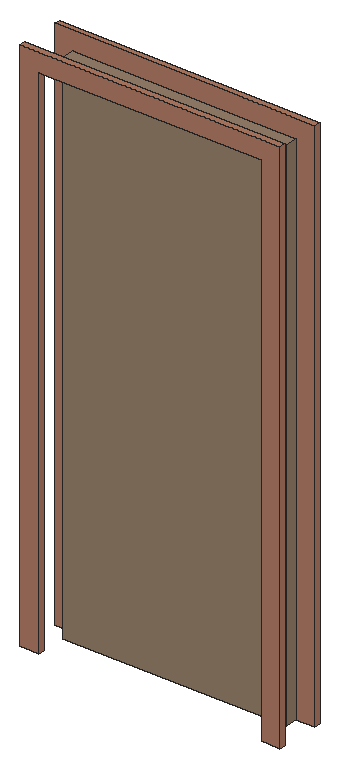
Revit family "M_Single-Flush", category Doors, host Wall, Revit 2018
Family settings
  Host = Wall
  OmniClass Number = 23.30.10.00
  OmniClass Title = Doors
  Always vertical = Yes
  Cut with Voids When Loaded = No
  Shared = No
  Room Calculation Point = No
Parameters (values of type "0915 x 2134mm")
  Thickness = 51.00 mm
  Function = Interior
  Door Material = Door - Panel
  Frame Material = Door - Frame
  Height = 2134.00 mm
  Trim Projection Ext = 25.00 mm
  Trim Projection Int = 25.00 mm
  Trim Width = 76.00 mm
  Wall Closure = By host
  Width = 915.00 mm
  Analytic Construction = "<None>"
Types (7, lengths in mm): name | Height | Width
  0915 x 2134mm | 2134.00 | 915.00
  0864 x 2134mm | 2134.00 | 864.00
  0813 x 2134mm | 2134.00 | 813.00
  0762 x 2134mm | 2134.00 | 762.00
  0762 x 2032mm | 2032.00 | 762.00
  0915 x 2032mm | 2032.00 | 915.00
  0864 x 2032mm | 2032.00 | 864.00
Reference planes
  plane 1: y = 0
  plane 2: z = 0
  plane 3: x = 0
  plane 4: x = -457.5
  plane 5: x = 457.5
  plane 6: z = 2134
Forms (mm)
  Extrusion 1, solid, material "Door - Panel" <- "Door Material"
    sketch origin (0, 0, 0) x (1, 0, 0) y (0, 0, 1)
      loop
        line (-457.5, 2134) -> (-457.5, 0) -> (457.5, 0) -> (457.5, 2134) -> (-457.5, 2134)
    from -76.2 to -25.2
  Extrusion 2, solid, material "Door - Frame" <- "Frame Material"
    sketch origin (-1524, -76.2, 0) x (1, 0, 0) y (0, 0, 1)
      loop
        line (990.5, 2210) -> (990.5, 0) -> (1066.5, 0) -> (1066.5, 2134) -> (1981.5, 2134) -> (1981.5, 0) -> (2057.5, 0) -> (2057.5, 2210) -> (990.5, 2210)
    from 0 to 25
  Extrusion 3, solid, material "Door - Frame" <- "Frame Material"
    sketch origin (-1524, 76.2, 0) x (-1, 0, 0) y (0, 0, 1)
      loop
        line (-2057.5, 2210) -> (-2057.5, 0) -> (-1981.5, 0) -> (-1981.5, 2134) -> (-1066.5, 2134) -> (-1066.5, 0) -> (-990.5, 0) -> (-990.5, 2210) -> (-2057.5, 2210)
    from 0 to 25
Lines and regions (mm)
  Opening 1
    outline origin (-1524, -76.2, 3657.6) x (0, 0, -1) y (1, 0, 0)
      loop
        line (1523.6, 1066.5) -> (3657.6, 1066.5) -> (3657.6, 1981.5) -> (1523.6, 1981.5) -> (1523.6, 1066.5)
  symbolic lines, style "DoorsPanelProjection"
    curve 1: line (457.5, 76.2, 0) -> (406.5, 76.2, 0)
    curve 2: line (457.5, 76.2, 0) -> (457.5, 991.472, 0)
    curve 3: line (457.5, 991.472, 0) -> (406.5, 991.472, 0)
    curve 4: line (406.5, 76.2, 0) -> (406.5, 991.472, 0)
  model lines, style "DoorsFrameMullionProjection"
    curve 5: line (-533.5, -76.2, 0) -> (-533.5, -76.2, 2210)
    curve 6: line (-533.5, -76.2, 2210) -> (533.5, -76.2, 2210)
    curve 7: line (533.5, -76.2, 2210) -> (533.5, -76.2, 0)
    curve 8: line (533.5, 76.2, 0) -> (533.5, 76.2, 2210)
    curve 9: line (-533.5, 76.2, 2210) -> (533.5, 76.2, 2210)
    curve 10: line (-533.5, 76.2, 2210) -> (-533.5, 76.2, 0)
  symbolic lines, style "Plan Swing"
    curve 11: arc (406.5, 991.472, 0) -> (-208.486, 706.11, 0) -> (-459.191, 76.2, 0) r 916.691
  symbolic lines, style "Elevation Swing"
    curve 12: line (-457.5, 0, 2134) -> (457.5, 0, 1067)
    curve 13: line (457.5, 0, 1067) -> (-457.5, 0, 0)
Dimensions and locks
  equal spacing: plane 4, plane 3, plane 5
  "Width": plane 4 to plane 5
  locked: host wall to curve 1
  control icon elem to plane 5 = 261.908 mm
  "Height": plane 6 to plane 2
  "Trim Width": plane 4 to curve 5
  "Trim Width": plane 5 to curve 7
  "Trim Width": plane 6 to curve 6
  locked: curve 9 to host wall
  "Trim Projection Ext": Extrusion 3 to host wall
  "Trim Projection Int": Extrusion 2 to host wall
  "Thickness": curve 4 to plane 5
  "Thickness": Extrusion 1 to host wall
  equal spacing: plane 6, curve 13, level
  aligned and locked: host wall to Extrusion 1
  aligned and locked: plane 2 to curve 5
  aligned and locked: curve 7 to level
  aligned and locked: curve 8 to curve 7
  aligned and locked: curve 6 to Extrusion 2 sketch curve
  aligned and locked: Extrusion 2 sketch curve to curve 5
  aligned and locked: Extrusion 2 sketch curve to curve 7
  aligned and locked: Extrusion 2 to Extrusion 3 sketch curve
  aligned and locked: Extrusion 3 sketch curve to Extrusion 2  (x2)
Automatic sketch dimensions
  Opening 1 sketch curve to plane 6 = 0.00 mm
  Opening 1 sketch curve to level = 0.00 mm
  Opening 1 sketch curve to plane 4 = 0.00 mm
  Opening 1 sketch curve to plane 5 = 0.00 mm
  Extrusion 1 sketch curve to plane 4 = 0.00 mm
  Extrusion 1 sketch curve to plane 5 = 0.00 mm
  Extrusion 1 sketch curve to level = 0.00 mm
  Extrusion 1 sketch curve to plane 6 = 0.00 mm
  Extrusion 2 sketch curve to level = 0.00 mm  (x2)
  Extrusion 2 sketch curve to plane 4 = 0.00 mm
  Extrusion 2 sketch curve to plane 5 = 0.00 mm
  Extrusion 2 sketch curve to plane 6 = 0.00 mm
  Extrusion 3 sketch curve to level = 0.00 mm  (x2)
  Extrusion 3 sketch curve to plane 5 = 0.00 mm
  Extrusion 3 sketch curve to plane 4 = 0.00 mm
  Extrusion 3 sketch curve to plane 6 = 0.00 mm
  curve 1 to plane 5 = 0.00 mm
  curve 11 to plane 5 = 0.00 mm
  plane 4 to curve 11 = 1.691 mm
  curve 11 to host wall = 0.00 mm
  curve 12 to plane 4 = 0.00 mm
  curve 12 to plane 6 = 0.00 mm
  curve 13 to plane 5 = 0.00 mm
  curve 10 to level = 0.00 mm
  curve 8 to level = 0.00 mm
  curve 13 to level = 0.00 mm
  curve 13 to plane 4 = 0.00 mm
  curve 9 to curve 5 = 0.00 mm
  curve 10 to curve 5 = 0.00 mm
